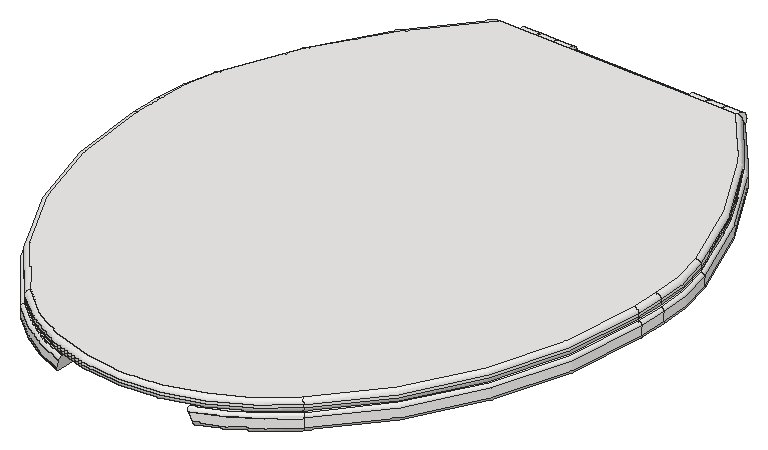
Revit family "ok-Celite_Acesso_Assento para Bacia Sanitária_31981", category Plumbing Fixtures, Revit 2014
Parameters (values of type "Branco - 31981")
  WFU = 0
  Type Comments = ""
  Outros Complementos [instance] = "N/A"
  Assento [instance] = Celite - Louça_Branca
  HWFU = 0
  URL = "http://www.celite.com.br"
  Selo de Qualidade ofcdesk = "Standard"  # constant formula
  Model = Celite: Código  # "31981"
  Acessório [instance] = Celite - Cromado
  Manufacturer = Celite: Fabricante  # "Celite"
  Description = Celite: Descrição  # "Assento para bacia sanitária cor branco (31981), linha Acesso - Louças Celite"
  Default Elevation = 0 mm
  Desenvolvido por = "ofcdesk"  # constant formula
  Celite: Versão = "Autodesk Revit MEP 2014"  # constant formula
  Celite: Tipo = "Assentos para bacias"  # constant formula
  Celite: Produto = "Assentos"  # constant formula
  Celite: Norma = "ABNT NBR 15097-1: 2011 - Requisitos e métodos de ensaio"
  Celite: Link do Produto = "http://www.celite.com.br/pt/produtos/categoria/4/linha/123/"
  Celite: Linha = "Acesso"  # constant formula
  Celite: Informações Técnicas [instance] = "N/A"
  Celite: Informações Gerais [instance] = "N/A"
  Celite: Fabricante = "Celite"  # constant formula
  Celite: Desenho Técnico = "N/A"
  Celite: Descrição = "Assento para bacia sanitária cor branco (31981), linha Acesso - Louças Celite"
  Celite: Código = "31981"
  Celite: Cores Disponíveis = "Branco"
  Celite: Copyright © = "© 2014 Celite"  # constant formula
  Celite: Complementos [instance] = "N/A"
  Celite: Categoria = "Assentos"  # constant formula
  Celite: Altura da Peça [instance] = 0 mm
  CWFU = 0
  Assembly Code = "D2010400"
Reference planes
  plane 1 "Center (Front/Back)": y = -81.088
  plane 2: z = 0
  plane 3 "Center (Left/Right)": x = 0
Forms (mm)
  Sweep 1, solid, material "Celite - Louça_Branca" <- "Assento"
    path origin (-40, -1560.12, 0) x (0, -1, 0) y (1, 0, 0)
      loop
        arc (-1508.837, -15.428) -> (-1431.909, -86.519) -> (-1337.958, -132.834) r 364.99
        arc (-1337.958, -132.834) -> (-1315.608, -138.197) -> (-1292.695, -140) r 146.539
        line (-1292.695, -140) -> (-1274.227, -140)
        arc (-1274.227, -140) -> (-1169.953, -119.464) -> (-1081.252, -60.922) r 275
        arc (-1081.252, -60.922) -> (-1039, 40) -> (-1081.252, 140.922) r 141.656
        arc (-1081.252, 140.922) -> (-1169.953, 199.464) -> (-1274.227, 220) r 275
        line (-1274.227, 220) -> (-1292.695, 220)
        arc (-1292.695, 220) -> (-1315.608, 218.197) -> (-1337.958, 212.834) r 146.539
        arc (-1337.958, 212.834) -> (-1431.909, 166.519) -> (-1508.837, 95.428) r 364.99
    profile origin (0, -521.12, 0) x (0, 1, 0) y (0, 0, 1)
      loop
        line (26.817, 17.667) -> (13.841, 17.667)
        arc (13.841, 17.667) -> (11.72, 16.789) -> (10.841, 14.667) r 3
        line (10.841, 14.667) -> (10.841, 12.828)
        arc (10.841, 12.828) -> (11.392, 11.096) -> (12.841, 10) r 3
        line (12.841, 10) -> (26.817, 10) -> (26.817, 17.667)
  Extrusion 2, void
    sketch origin (0, -285.465, -361.553) x (0, -1, 0) y (0, 0, 1)
      loop
        line (-198.94, 371.553) -> (-193.569, 371.553) -> (-193.569, 388.941) -> (-260.272, 388.941) -> (-260.272, 351.553) -> (-198.94, 351.553) -> (-198.94, 371.553)
    from 94.6 to -95
  Sweep 3, solid, material "Celite - Louça_Branca" <- "Assento"
    path origin (-40, -1560.12, 0) x (0, -1, 0) y (1, 0, 0)
      loop
        arc (-1508.837, -15.428) -> (-1431.909, -86.519) -> (-1337.958, -132.834) r 364.99
        arc (-1337.958, -132.834) -> (-1315.608, -138.197) -> (-1292.695, -140) r 146.539
        line (-1292.695, -140) -> (-1274.227, -140)
        arc (-1274.227, -140) -> (-1169.953, -119.464) -> (-1081.252, -60.922) r 275
        arc (-1081.252, -60.922) -> (-1039, 40) -> (-1081.252, 140.922) r 141.656
        arc (-1081.252, 140.922) -> (-1169.953, 199.464) -> (-1274.227, 220) r 275
        line (-1274.227, 220) -> (-1292.695, 220)
        arc (-1292.695, 220) -> (-1315.608, 218.197) -> (-1337.958, 212.834) r 146.539
        arc (-1337.958, 212.834) -> (-1431.909, 166.519) -> (-1508.837, 95.428) r 364.99
    profile origin (0, -521.12, 0) x (0, 1, 0) y (0, 0, 1)
      loop
        line (10.841, 0) -> (77.738, 0) -> (77.738, 10) -> (10.841, 10)
        arc (10.841, 10) -> (9.427, 9.414) -> (8.841, 8) r 2
        line (8.841, 8) -> (8.841, 2)
        arc (8.841, 2) -> (9.427, 0.586) -> (10.841, 0) r 2
  Extrusion 4, solid, material "Celite - Louça_Branca" <- "Assento"
    sketch origin (-40, -1560.12, 0) x (0, -1, 0) y (-1, 0, 0)
      loop
        arc (-1329.675, 107.328) -> (-1415.61, 65.178) -> (-1486.293, 0.637) r 338.173
        line (-1486.293, 0.637) -> (-1486.293, -80.637)
        arc (-1486.293, -80.637) -> (-1415.61, -145.178) -> (-1329.675, -187.328) r 338.173
        arc (-1329.675, -187.328) -> (-1311.415, -191.71) -> (-1292.695, -193.183) r 119.721
        line (-1292.695, -193.183) -> (-1274.227, -193.183)
        arc (-1274.227, -193.183) -> (-1180.121, -174.649) -> (-1100.07, -121.816) r 248.183
        arc (-1100.07, -121.816) -> (-1065.817, -40) -> (-1100.07, 41.816) r 114.839
        arc (-1100.07, 41.816) -> (-1180.121, 94.649) -> (-1274.227, 113.183) r 248.183
        line (-1274.227, 113.183) -> (-1292.695, 113.183)
        arc (-1292.695, 113.183) -> (-1311.415, 111.71) -> (-1329.675, 107.328) r 119.721
    from -17.667 to -10
  Extrusion 5, solid, material "Celite - Cromado" <- "Acessório"
    sketch origin (0, -30.748, -397.713) x (0, 1, 0) y (0, 0, 1)
      loop
        circle (-50.34, 403.191) r 3.908
    from -40 to 40
  Extrusion 6, solid, material "Celite - Cromado" <- "Acessório"
    sketch origin (-40, 117.918, -383.49) x (0, -1, 0) y (0, 0, 1)
      loop
        circle (199.006, 388.968) r 5.437
    from 0 to 11
  Extrusion 7, solid, material "Celite - Cromado" <- "Acessório"
    sketch origin (40, 117.918, -383.49) x (0, 1, 0) y (0, 0, 1)
      loop
        circle (-199.006, 388.968) r 5.437
    from 0 to 11
  Extrusion 8, solid, material "Celite - Cromado" <- "Acessório"
    sketch origin (40, 117.918, -383.49) x (0, 1, 0) y (0, 0, 1)
      loop
        circle (-199.006, 388.968) r 5.437
    from 11 to 22
  Extrusion 9, solid, material "Celite - Cromado" <- "Acessório"
    sketch origin (40, 117.918, -383.49) x (0, 1, 0) y (0, 0, 1)
      loop
        circle (-199.006, 388.968) r 5.437
    from 22 to 33
  Extrusion 10, solid, material "Celite - Cromado" <- "Acessório"
    sketch origin (-40, 117.918, -383.49) x (0, -1, 0) y (0, 0, 1)
      loop
        circle (199.006, 388.968) r 5.437
    from 11 to 22
  Extrusion 11, solid, material "Celite - Cromado" <- "Acessório"
    sketch origin (-40, 117.918, -383.49) x (0, -1, 0) y (0, 0, 1)
      loop
        circle (199.006, 388.968) r 5.437
    from 22 to 33
  Extrusion 12, void
    sketch origin (-411.41, -513.737, 1240) x (-1, 0, 0) y (0, 0, 1)
      loop
        line (-368.816, -1230) -> (-454.004, -1230) -> (-458.352, -1241.947)
        arc (-458.352, -1241.947) -> (-458.639, -1244.041) -> (-458.035, -1246.067) r 5
        arc (-458.035, -1246.067) -> (-450.62, -1261.06) -> (-444.539, -1276.643) r 191.873
        arc (-444.539, -1276.643) -> (-411.41, -1300.352) -> (-378.281, -1276.643) r 35
        arc (-378.281, -1276.643) -> (-372.2, -1261.06) -> (-364.785, -1246.067) r 191.873
        arc (-364.785, -1246.067) -> (-364.181, -1244.041) -> (-364.468, -1241.947) r 5
        line (-364.468, -1241.947) -> (-368.816, -1230)
    from -10 to 146.84
  Extrusion 13, solid, material "Celite - Louça_Branca" <- "Assento"
    sketch origin (-1523.32, -1524, 650) x (-1, 0, 0) y (0, -1, 0)
      loop
        line (-1473.457, -1465.847) -> (-1516.823, -1412.31)
        arc (-1516.823, -1412.31) -> (-1523.32, -1414.48) -> (-1529.817, -1412.31) r 10.811
        line (-1529.817, -1412.31) -> (-1573.183, -1465.847)
        arc (-1573.183, -1465.847) -> (-1523.32, -1482.741) -> (-1473.457, -1465.847) r 82.036
    from -650 to -640
Cuts and joins
  Extrusion 2 cuts Sweep 1
  Extrusion 2 cuts Extrusion 4
  joined: Sweep 1, Extrusion 4
  Extrusion 2, Extrusion 12 cuts Sweep 3
  Extrusion 2 cuts Extrusion 13
  joined: Sweep 3, Extrusion 13
  joined: Extrusion 5, Extrusion 6, Extrusion 7, Extrusion 9, Extrusion 11
Dimensions and locks
  aligned and locked: level to plane 2
  aligned and locked: profile plane to Sweep 3 sketch curve
